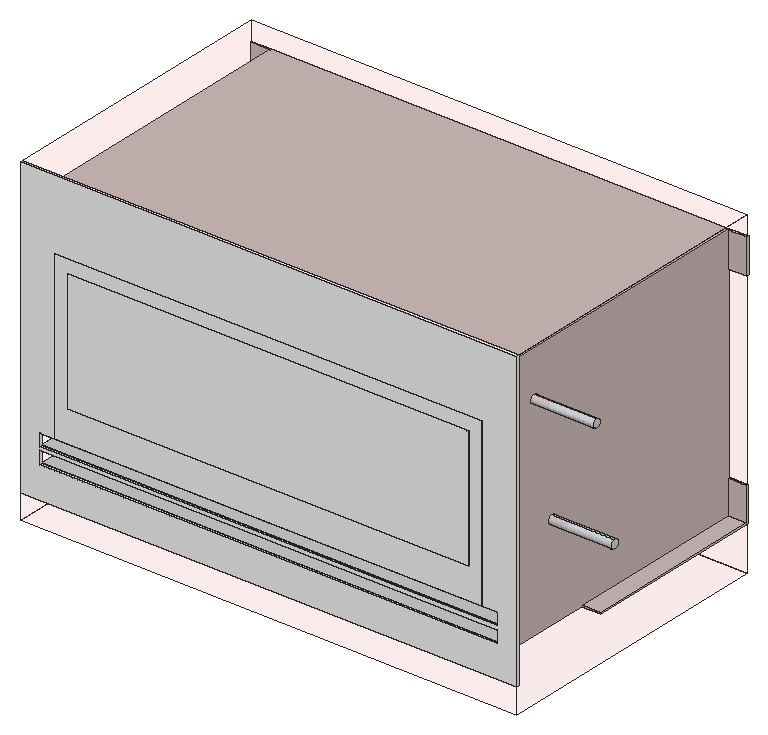
Revit family "Air-Curtain_Customer-Entry_PoweredAire_CLD-CHD-HWST", category Mechanical Equipment, host Face, Revit 2018
Family settings
  Host = Face
  Round Connector Dimension = Use Diameter
  Part Type = Normal
  OmniClass Number = 23.75.35.17.21
  OmniClass Title = Air Curtains
  Cut with Voids When Loaded = No
  Shared = No
  Room Calculation Point = No
Parameters
  upperpiperotation [instance] = if(Upper Pipe Connection Side A, 0.00°, 180.00°)  # 0.00°
  lowerpiperotation [instance] = if(Lower Pipe Connection Side A, 0.00°, 180.00°)  # 0.00°
  locateupperpipe [instance] = if(Upper Pipe Connection Side A, 0' 0", Nozzle Width)  # 0' - 0"
  locatelowerpipe [instance] = if(Lower Pipe Connection Side A, 0' 0", Nozzle Width)  # 0' - 0"
  Warranty Duration (Years) = 0
  Upper Pipe Connection Side A [instance] = yes
  Unit Width Notes = "Other Widths available."  # constant formula
  Unit Width = 3' - 3"
  Unit Weight = 0
  Unit Height = 1' - 10 3/4"
  Unit Depth = 1' - 11 1/4"
  URL = "http://www.poweredaire.com/"
  Test Data = ""
  Standards Conformance = "as Specified"
  Specification = "http://www.arcat.com/sdspecs/htm04/23_34_33pai.htm"
  SpecWizard = ""
  Sound Pressure = "as Specified"
  Sales Information = "http://www.poweredaire.com/contact_us"
  Revision = "R1_2016-08"
  Projection from Host [instance] = 0' - 2"
  Product Properties = ""
  Product Data = "http://www.arcat.com/arcatcos/cos47/arc47623.html"
  Power Rating = 0 W
  Piping_Water Flow [instance] = 0 GPM
  Piping_Operating Pressure [instance] = 0.00 psi
  Piping_Exit Temperature [instance] = 0 °F
  Piping_Entry Temperature [instance] = 0 °F
  Pipe OD [instance] = 5/8"
  Nozzle Width = if(1 = 1, Unit Width - 0' 3", 0' 0")  # 3' - 0"
  Mounting Width = if(1 = 1, Unit Width - 0' 1 1/2", 0' 0")  # 3' - 1 1/2"
  Mounting Height [instance] = 3' - 6"
  Motor RPM = 0
  Motor HP = 0
  Motor Count = 0
  Model = "As Specified"
  Max Height = 0' - 0"
  Manufacturer Website = "http://www.poweredaire.com/"
  Manufacturer Phone - Toll Free = "888-321-2473"
  Manufacturer Phone = "724-588-3305"
  Manufacturer Fax = "724-588-3371"
  Manufacturer Address = "109 Mortensen Rd.  Greenville, PA 16125"
  Manufacturer = "Powered Aire, Inc"
  Maintenance Schedule (Months) = 0
  Lower Pipe Connection Side A [instance] = yes
  Keynote = "23 34 33"
  Installation-Fabrication = ""
  Installation Phase = ""
  Include Clearance [instance] = yes
  Heating Element Load = 0 W
  HVAC_Temperature Rise = 0 °F
  HVAC_Outlet Volume = 0 CFM
  HVAC_Outlet Velocity Uniformity = 0
  HVAC_Outlet Velocity = 0 FPM
  HVAC_BTU Input = 0.0 Btu/h
  Green Building-LEED = "http://www.arcat.com/green/clients/leed_data_47623.html"
  Front Grating Material [instance] = Metal - Steel - PoweredAire - White Perforated
  Frame Finish [instance] = Metal - Steel - PoweredAire - Stainless 304
  Expected Lifespan (Years) = 0
  Electrical_Wattage [instance] = Power Rating + Heating Element Load  # 0 W
  Electrical_Voltage [instance] = 0 V
  Electrical_Phase [instance] = 1
  Electrical_Frequency [instance] = 0 Hz
  Electrical_Amperage [instance] = 0 A
  Drawn By = "Sumex Design, Inc. / Robert S. Weygant, CSI, CDT, SCIP"
  Description = "Powered Aire Air Curtain as Specified"
  Default Elevation = 0' - 0"  # constant formula
  Cover Finish [instance] = Metal - Steel - PoweredAire - White
  Copyright = "©Arcat Inc."
  Construction Details = "http://www.arcat.com/details/powair/prod3336.html"
  Clearance_Top [instance] = 0' - 0"
  Clearance_Side B [instance] = 0' - 0"
  Clearance_Side A [instance] = 0' - 0"
  Clearance_Intake [instance] = 0' - 0"
  Clearance_Front [instance] = 0' - 0"
  Clearance Material [instance] = ARCAT Clearance
  Building Codes = ""
  Available Options [instance] = "as Specified"
  Assembly Code = "D3090400"
Reference planes (in)
  plane 1 "Center (Elevation)": y = 11.51318
  plane 2: z = 0
  plane 3 "Center (Left/Right)": x = 0
  plane 4: y = 22.88818
  plane 5: y = 0.13818
  plane 6: x = -19.5
  plane 7: x = 19.5
  plane 8: z = 25.25
  plane 9 "FF": y = -41.86182
  plane 10: z = 2
  plane 11: x = 18
  plane 12: x = -18
  plane 13: y = 22.88818
  plane 14: y = 0.13818
  plane 15: x = -19.5
  plane 16: x = 19.5
  plane 17: z = 25.25
  plane 18: y = 0.38818
  plane 19: x = 18
  plane 20: x = 18
  plane 21: z = 20.25
  plane 22: z = 11
Forms (in)
  Extrusion 1, solid, material "ARCAT Clearance" <- "Clearance Material", visible <- "Include Clearance"
    sketch origin (0, 0, 0) x (0, 1, 0) y (0, 0, 1)
      loop
        line (0.13818, 25.25) -> (0.13818, 0) -> (22.88818, 0) -> (22.88818, 25.25) -> (0.13818, 25.25)
    from -19.5 to 19.5
  Extrusion 2, solid, material "Metal - Steel - PoweredAire - White" <- "Cover Finish"
    sketch origin (0, 11.51318, 0) x (1, 0, 0) y (0, 0, 1)
      loop
        line (-19.5, 25.25) -> (-19.5, 2) -> (19.5, 2) -> (19.5, 25.25) -> (-19.5, 25.25)
    from 11.125 to 11.375
  Extrusion 3, solid, material "Metal - Steel - PoweredAire - Stainless 304" <- "Frame Finish"
    sketch origin (0, 11.51318, 0) x (1, 0, 0) y (0, 0, 1)
      loop
        line (18, 23.75) -> (-18, 23.75) -> (-18, 3.5) -> (18, 3.5) -> (18, 23.75)
    from -11.375 to 11.125
  Extrusion 4, void
    sketch origin (0, 0, 0) x (0, 1, 0) y (0, 0, 1)
      loop
        line (0.13818, 5.5) -> (0.13818, 4.5) -> (1.88818, 4.5) -> (1.88818, 6.75) -> (0.13818, 6.75) -> (0.13818, 5.75) -> (1.63818, 5.75) -> (1.63818, 5.5) -> (0.13818, 5.5)
    from -18 to 18
  Extrusion 5, solid, material "Metal - Steel - PoweredAire - White" <- "Cover Finish"
    sketch origin (-11.83813, 0.13818, 48) x (-1, 0, 0) y (0, 0, 1)
      loop
        line (4.91187, -41.25) -> (4.91187, -28.25) -> (-28.58813, -28.25) -> (-28.58813, -41.25) -> (4.91187, -41.25)
    from 0 to -0.03125
  Extrusion 6, solid, material "Metal - Steel - PoweredAire - White Perforated" <- "Front Grating Material"
    sketch origin (-11.83813, 0.10693, 48) x (1, 0, 0) y (0, 0, 1)
      loop
        line (-3.91187, -29.25) -> (-3.91187, -38.75) -> (27.58813, -38.75) -> (27.58813, -29.25) -> (-3.91187, -29.25)
    from 0 to 0.03125
  Extrusion 7, solid, material "Metal - Steel - PoweredAire - Stainless 304" <- "Frame Finish"
    sketch origin (-15.17702, -180, 2) x (-1, 0, 0) y (0, -1, 0)
      loop
        line (-33.17702, -202.88818) -> (-33.17702, -188.38818) -> (-34.67702, -188.38818) -> (-34.67702, -202.88818) -> (-33.17702, -202.88818)
      loop
        line (2.82298, -202.88818) -> (4.32298, -202.88818) -> (4.32298, -188.38818) -> (2.82298, -188.38818) -> (2.82298, -202.88818)
    from 1.5 to 1.625
  Extrusion 8, solid, material "Metal - Steel - PoweredAire - Stainless 304" <- "Frame Finish"
    sketch origin (-11.83813, 22.88818, 48) x (-1, 0, 0) y (0, 0, 1)
      loop
        line (7.66187, -44.5) -> (7.66187, -41.75) -> (6.16187, -41.75) -> (6.16187, -44.5) -> (7.66187, -44.5)
      loop
        line (-31.33813, -44.5) -> (-29.83813, -44.5) -> (-29.83813, -41.75) -> (-31.33813, -41.75) -> (-31.33813, -44.5)
      loop
        line (7.66187, -27) -> (7.66187, -24.25) -> (6.16187, -24.25) -> (6.16187, -27) -> (7.66187, -27)
      loop
        line (-31.33813, -27) -> (-29.83813, -27) -> (-29.83813, -24.25) -> (-31.33813, -24.25) -> (-31.33813, -27)
    from 0 to -0.125
  Sweep 9, solid
    path origin (18, 11.51318, 20.25) x (1, 0, 0) y (0, 0, 1)
      loop
        line (0, 0) -> (5, 0)
    profile origin (20.5, 11.51318, 20.25) x (0, 0, 1) y (0, -1, 0)
      loop
        circle (0, 7.875) r 0.3125
  Sweep 10, solid
    path origin (18, 11.51318, 11) x (1, 0, 0) y (0, 0, 1)
      loop
        line (0, 0) -> (5, 0)
    profile origin (20.5, 11.51318, 11) x (0, 0, 1) y (0, -1, 0)
      loop
        circle (0, 6.125) r 0.3125
Cuts and joins
  Extrusion 4 cuts Extrusion 1
  Extrusion 4 cuts Extrusion 2
  Extrusion 4 cuts Extrusion 3
Lines and regions (in)
  reference lines
    curve 1: line (18, 11.51318, 20.25) -> (25.75, 11.51318, 20.25)
    curve 2: line (18, 11.51318, 11) -> (26.25, 11.51318, 11)
Dimensions and locks (in)
  equal spacing: plane 4, plane 1 "Center (Elevation)", plane 5
  "Unit Height": plane 4 to plane 5
  equal spacing: plane 6, plane 3 "Center (Left/Right)", plane 7
  "Unit Width": plane 6 to plane 7
  "Mounting Height": plane 5 to plane 9 "FF"
  "Projection from Host": plane 10 to level
  "Unit Depth": plane 8 to plane 10
  locked: plane 6 to plane 12 at 1.5
  locked: plane 11 to plane 7 at 1.5
  "Clearance_Side A": plane 7 to plane 16
  "Clearance_Side B": plane 15 to plane 6
  "Clearance_Top": plane 13 to plane 4
  "Clearance_Intake": plane 5 to plane 14
  "Clearance_Front": plane 17 to plane 8
  locked: plane 8 to Extrusion 3 sketch curve at 1.5
  locked: Extrusion 3 sketch curve to plane 10 at 1.5
  locked: plane 7 to Extrusion 3 sketch curve at 1.5
  locked: Extrusion 3 sketch curve to plane 6 at 1.5
  locked: plane 18 to plane 5 at 0.25
  Extrusion 4 sketch curve to Extrusion 4 sketch curve to Extrusion 4 sketch curve to Extrusion 4 sketch curve to plane 10 = 0' - 1" locked, 0' - 0 1/4" locked, 0' - 1" locked, 0' - 2 1/2" locked
  Extrusion 5 sketch curve to Extrusion 5 sketch curve to plane 10 = 1' - 1" locked, 0' - 4 3/4" locked
  locked: plane 11 to Extrusion 5 sketch curve at 1.25
  locked: Extrusion 5 sketch curve to plane 12 at 1.25
  Extrusion 6 sketch curve to Extrusion 6 sketch curve to plane 10 = 0' - 9 1/2" locked, 0' - 7 1/4" locked
  locked: Extrusion 6 sketch curve to plane 12 at 2.25
  locked: plane 11 to Extrusion 6 sketch curve at 2.25
  locked: plane 4 to Extrusion 7 sketch curve at 14.5  (x2)
  Extrusion 8 sketch curve to Extrusion 8 sketch curve to Extrusion 8 sketch curve to Extrusion 8 sketch curve to plane 10 = 0' - 2 3/4" locked, 1' - 2 3/4" locked, 0' - 2 3/4" locked, 0' - 1 1/2" locked  (x2)
  "locatelowerpipe": plane 19 to plane 11
  "locateupperpipe": plane 20 to plane 11
  locked: plane 8 to plane 21 at 5
  locked: plane 22 to plane 10 at 9
  locked: curve 1 to Sweep 9 sketch curve at 5
  locked: curve 1 to Sweep 9 sketch curve
  locked: curve 2 to Sweep 10 sketch curve at 5
  locked: curve 2 to Sweep 10 sketch curve
  locked: plane 5 to Sweep 9 sketch curve at 3.5
  locked: plane 5 to Sweep 10 sketch curve at 5.25
  "lowerpiperotation": angle plane 21 to curve 1
  "upperpiperotation": angle plane 22 to curve 2
  aligned and locked: plane 2 to host face
  aligned and locked: level to host face
  aligned and locked: Extrusion 1 sketch curve to plane 17
  aligned and locked: plane 14 to Extrusion 1 sketch curve
  aligned and locked: level to Extrusion 1 sketch curve
  aligned and locked: Extrusion 1 sketch curve to plane 13
  aligned and locked: plane 16 to Extrusion 1
  aligned and locked: Extrusion 1 to plane 15
  aligned and locked: Extrusion 2 sketch curve to plane 8
  aligned and locked: plane 6 to Extrusion 2 sketch curve
  aligned and locked: Extrusion 2 sketch curve to plane 10
  aligned and locked: Extrusion 2 sketch curve to plane 7
  aligned and locked: Extrusion 3 to plane 4
  aligned and locked: Extrusion 3 to plane 18
  aligned and locked: Extrusion 2 to plane 18
  aligned and locked: Extrusion 2 to plane 5
  aligned and locked: plane 11 to Extrusion 4
  aligned and locked: Extrusion 4 to plane 12
  aligned and locked: Extrusion 7 sketch curve to plane 4  (x2)
  aligned and locked: plane 20 to curve 2
  aligned and locked: plane 22 to curve 2
  aligned and locked: plane 19 to curve 1
  aligned and locked: plane 21 to curve 1
Automatic sketch dimensions
  host sketch curve to host sketch curve = 8' - 0"  (x2)
  Extrusion 4 sketch curve to plane 5 = 0' - 0"  (x2)
  plane 18 to Extrusion 4 sketch curve = 0' - 1 1/4"
  Extrusion 4 sketch curve to Extrusion 4 sketch curve = 0' - 0 1/4"
  Extrusion 7 sketch curve to plane 7 = 0' - 0"
  Extrusion 7 sketch curve to plane 11 = 0' - 0"
  Extrusion 7 sketch curve to plane 12 = 0' - 0"
  Extrusion 7 sketch curve to plane 6 = 0' - 0"
  Extrusion 8 sketch curve to plane 7 = 0' - 0"  (x2)
  Extrusion 8 sketch curve to plane 11 = 0' - 0"  (x2)
  Extrusion 8 sketch curve to plane 12 = 0' - 0"  (x2)
  Extrusion 8 sketch curve to plane 6 = 0' - 0"  (x2)
  profile plane to Sweep 9 sketch curve = 0' - 0"
  profile plane to Sweep 10 sketch curve = 0' - 0"
  radius of Sweep 9 sketch curve = 0' - 0 5/16"
  radius of Sweep 10 sketch curve = 0' - 0 5/16"
Connectors (in)
  electrical at (-18, 6.38818, 9.625), driven by "Electrical_Voltage", driven by "Electrical_Phase"
    settings: on cut or joined group of Extrusion 3, Extrusion 4, index 1, voltage 0 V, apparent load 0 VA, apparent load phase1 0 VA, apparent load phase2 0 VA, apparent load phase3 0 VA, power factor 1, load classification "Other", number of poles 1, system type 31, power factor state 1, is connector primary yes, connector utility no, sub classification motor no, connector description ""
  piping at (23, 3.63818, 20.25), diameter 0.625, driven by "Pipe OD"
    settings: on Sweep 9, index 2, connector inside diameter 24", connector length 0' - 0", flow factor 0, pipe flow 0 GPM, pressure drop 0.00 psi, fitting loss kfactor 0, connector angle 0.00°, fixture units 0, engagement length 0' - 0", angle of deflection 0.00°, flow configuration 0, flow direction 0, fitting loss method 0, system type 29, joint type 0, gender type 0, connector reference index -1, connector utility 0, adjustable connector no, is connector primary no, connector description "Define Supply or Return and Location"
  piping at (23, 5.38818, 11), diameter 0.625, driven by "Pipe OD"
    settings: on Sweep 10, index 3, connector inside diameter 24", connector length 0' - 0", flow factor 0, pipe flow 0 GPM, pressure drop 0.00 psi, fitting loss kfactor 0, connector angle 0.00°, fixture units 0, engagement length 0' - 0", angle of deflection 0.00°, flow configuration 0, flow direction 0, fitting loss method 0, system type 29, joint type 0, gender type 0, connector reference index -1, connector utility 0, adjustable connector no, is connector primary yes, connector description "Define Supply or Return and Location"
